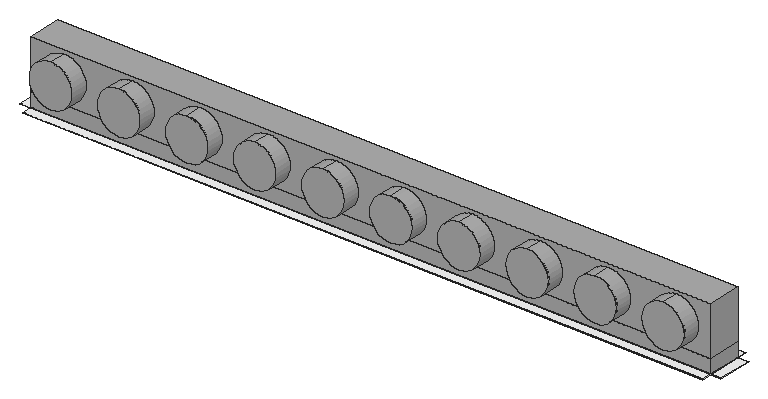
Revit family "Мини с адаптером (2-10 Подключений) Приток", category Арматура воздуховодов, Revit 2022
Family settings
  Размер круглого соединителя = Использовать диаметр
  Тип детали = Вставляется
  На основе рабочей плоскости = Нет
  Всегда вертикально = Да
  При загрузке вырезать с полостями = Нет
  Общий = Нет
Parameters (values of type "Мини с адаптером")
  Ширина щели решетки [instance] = 10 mm
  Ширина решетки [instance] = 100 mm
  УГО приток = yes
  УГО вытяжка = no
  Скорость воздуха [instance] = ADSK_Расход воздуха / Площадь сечения решетки  # 0.0 m/s
  Площадь сечения решетки [instance] = Длина решетки * Ширина решетки - ((Длина решетки - 2 * Ширина щели решетки) * (Ширина решетки - 2 * Ширина щели решетки))  # 0.0416 m²
  Патрубок_Расход [instance] = ADSK_Расход воздуха / Патрубки_Количество  # 0 m³/h
  Патрубки_Шаг [instance] = ADSK_Размер_Длина / Патрубки_Количество  # 200 mm
  Патрубки_Сверху [instance] = no
  Патрубки_Отступ [instance] = Патрубки_Шаг / 2  # 100 mm
  Патрубки_Количество [instance] = 10
  Отступ губ [instance] = if(Г_обр адаптер, 0 mm, (ADSK_Размер_Ширина - Ширина решетки) / 2)  # 0 mm
  Отметка по умолчанию = 0 mm
  Наименование решетки [instance] = "Вентиляционная решетка SCHIBERG МИНИ"  # constant formula
  Метка [instance] = ""
  Материал КСД = ADSK_Сталь оцинкованная
  Марка решетки [instance] = size_lookup("Мини", "M", "НЕ НАЙДЕН ТИПОРАЗМЕР", ADSK_Размер_Длина, Ширина решетки, Ширина щели решетки)  # "2000x100-10"
  Количество патрубков [instance] = if(Патрубки_Количество < 2, 2, Патрубки_Количество)  # 10
  КСД_Угол [instance] = if(Патрубки_Сверху, 100.00°, 10.00°)  # 10.00°
  Патрубки_Длина = 50 mm
  КСД_Отступ [instance] = if(Патрубки_Сверху, 0.5 * ADSK_Размер_Высота, ADSK_Размер_Ширина / 2)  # 50 mm
  Патрубки_Диаметр [instance] = 125 mm
  Длина решетки [instance] = 2000 mm
  Г_обр адаптер [instance] = no
  H [instance] = Высота губ + 2 mm  # 42 mm
  Высота губ [instance] = 40 mm
  ADSK_Расход воздуха [instance] = 0 m³/h
  ADSK_Размер_Ширина [instance] = if(Патрубки_Сверху, if(Патрубки_Диаметр = 75 mm, if(Патрубки_Диаметр + 25 mm > Ширина решетки, Патрубки_Диаметр + 25 mm, Ширина решетки), if(Патрубки_Диаметр = 90 mm, if(Патрубки_Диаметр + 30 mm > Ширина решетки, Патрубки_Диаметр + 30 mm, Ширина решетки), if(Патрубки_Диаметр + 20 mm > Ширина решетки, Патрубки_Диаметр + 20 mm, Ширина решетки))), Ширина решетки)  # 100 mm
  ADSK_Размер_Длина [instance] = Длина решетки  # 2000 mm
  ADSK_Размер_Высота [instance] = if(Патрубки_Диаметр = 75 mm, Патрубки_Диаметр + 25 mm, if(Патрубки_Диаметр = 90 mm, Патрубки_Диаметр + 30 mm, Патрубки_Диаметр + 20 mm))  # 145 mm
  ADSK_Примечание [instance] = if(Высота губ = 40 mm, "", "Не типовая высота губ")  # ""
  ADSK_Потеря давления воздуха [instance] = 0.0 Pa
  ADSK_Позиция_Сортировка [instance] = 0
  ADSK_Позиция_Комплект [instance] = 0
  ADSK_Наименование краткое = "Адаптер с решеткой SCHIBERG"  # constant formula
  ADSK_Наименование [instance] = if(ADSK_Размер_Ширина = Ширина решетки, "Адаптер П-образный под решетку SCHIBERG", if(Г_обр адаптер, "Адаптер Г-образный под решетку SCHIBERG", "Адаптер Т-образный под решетку SCHIBERG"))  # "Адаптер П-образный под решетку SCHIBERG"
  ADSK_Материал = RGB_RAL 9003 (Белый сигнальный)
  ADSK_Марка [instance] = size_lookup("КСД для прямоугольных", "", "НЕ НАЙДЕН ТИПОРАЗМЕР", ADSK_Размер_Длина, Ширина решетки, Количество патрубков, Патрубки_Диаметр, КСД_Угол)  # "2000х100 (сверху 10х125)"
  ADSK_Количество = 1  # constant formula
  ADSK_Код изделия = ""
  ADSK_Завод-изготовитель = "SCHIBERG"  # constant formula
  ADSK_Единица измерения = "шт."  # constant formula
  ADSK_Группирование [instance] = ""
  75+ [instance] = not([75])  # yes
  75 [instance] = or(Патрубки_Диаметр = 75 mm, Патрубки_Диаметр = 90 mm)  # no
Reference planes
  plane 1 "По центру (Вперед/Назад)": y = 0
  plane 2: z = 0
  plane 3 "По центру (Влево/Вправо)": x = 0
  plane 4: z = 42
  plane 5: y = 50
  plane 6: y = -50
  plane 7: x = -1000
  plane 8: x = 1000
  plane 9: z = 187
  plane 10: y = -50
  plane 11 "Патрубки": z = 114.5
  plane 12: x = -900
  plane 13: x = -700
  plane 14: y = 50
  plane 15: y = 0
Forms (mm)
  Extrusion 1, solid, material "ADSK_Сталь оцинкованная" <- "Материал КСД", detail levels medium+fine
    sketch origin (0, 0, 0) x (0, 1, 0) y (0, 0, 1)
      loop
        line (50, 42) -> (-50, 42) -> (-50, 1) -> (50, 1) -> (50, 42)
    from -1000 to 1000
  Extrusion 2, solid, material "ADSK_Сталь оцинкованная" <- "Материал КСД", detail levels medium+fine
    sketch origin (0, 0, 0) x (0, 1, 0) y (0, 0, 1)
      loop
        line (50, 187) -> (-50, 187) -> (-50, 42) -> (50, 42) -> (50, 187)
    from -1000 to 1000
Lines and regions (mm)
  symbolic lines, detail levels coarse+medium
    curve 1: line (-1000, 108.5, 0) -> (1000, 108.5, 0)
    curve 2: line (-1000, -50, 0) -> (-1000, 108.5, 0)
    curve 3: line (1000, -50, 0) -> (-1000, -50, 0)
    curve 4: line (1000, 108.5, 0) -> (1000, -50, 0)
  model lines, visible <- "УГО приток"
    curve 5: line (-200, 0, -69.985) -> (200, 0, -69.985)
    curve 6: line (-200, 0, -69.985) -> (0, 0, -185.455)
    curve 7: line (0, 0, -185.455) -> (200, 0, -69.985)
  model lines, visible <- "УГО вытяжка"
    curve 8: line (-200, 0, -185.455) -> (200, 0, -185.455)
    curve 9: line (0, 0, -69.985) -> (200, 0, -185.455)
    curve 10: line (0, 0, -69.985) -> (-200, 0, -185.455)
Dimensions and locks
  "H": plane 4 to level
  "Ширина решетки": plane 5 to plane 6
  equal spacing: plane 7, plane 3 "По центру (Влево/Вправо)", plane 8
  "ADSK_Размер_Длина": plane 7 to plane 8
  "ADSK_Размер_Высота": plane 9 to plane 4
  equal spacing: plane 9, plane 11 "Патрубки", plane 4
  "Патрубки_Отступ": plane 7 to plane 12
  "Патрубки_Шаг": plane 12 to plane 13
  equal spacing: group 1, group 2, group 3, group 4, group 5, group 6, group 7, group 8, group 9, group 10  (x2)
  equal spacing: group 10, group 9, group 8, group 7, group 6, group 5, group 4, group 3, group 2, group 1
  "ADSK_Размер_Ширина": plane 14 to plane 10
  equal spacing: curve 5, plane 3 "По центру (Влево/Вправо)", curve 5
  locked: curve 5 to curve 5 at 400
  equal spacing: plane 14, plane 1 "По центру (Вперед/Назад)", plane 10
  "Отступ губ": plane 14 to plane 5
  locked: plane 2 to curve 5 at 69.985
  locked: level to curve 8 at 185.455
  equal spacing: curve 9, plane 3 "По центру (Влево/Вправо)", curve 10
  equal spacing: plane 5, plane 15, plane 6
  locked: curve 5 to curve 7 (angle 30.00°)
  locked: curve 6 to curve 5 (angle 30.00°)
  locked: curve 8 to curve 10 (angle 30.00°)
  locked: curve 9 to curve 8 (angle 30.00°)
  aligned and locked: level to plane 2
  aligned and locked: plane 4 to Extrusion 1 sketch curve
  aligned and locked: Extrusion 1 sketch curve to plane 5
  aligned and locked: Extrusion 1 sketch curve to plane 6
  aligned and locked: Extrusion 1 to plane 7
  aligned and locked: plane 8 to Extrusion 1
  aligned and locked: plane 10 to Extrusion 2 sketch curve
  aligned and locked: Extrusion 2 sketch curve to plane 9
  aligned and locked: Extrusion 2 sketch curve to plane 4
  aligned and locked: plane 8 to Extrusion 2
  aligned and locked: Extrusion 2 to plane 7
  aligned and locked: plane 11 "Патрубки" to nested 1
  aligned and locked: nested 1 to plane 12
  aligned and locked: nested 2 to plane 13
  aligned and locked: plane 11 "Патрубки" to nested 2
  aligned and locked: plane 7 to curve 2
  aligned and locked: curve 4 to plane 8
  aligned and locked: plane 10 to curve 3
  aligned and locked: Extrusion 2 to plane 14
  aligned and locked: plane 1 "По центру (Вперед/Назад)" to nested 1
  aligned and locked: plane 1 "По центру (Вперед/Назад)" to nested 10
  aligned and locked: plane 1 "По центру (Вперед/Назад)" to nested 9
  aligned and locked: plane 1 "По центру (Вперед/Назад)" to nested 8
  aligned and locked: plane 1 "По центру (Вперед/Назад)" to nested 7
  aligned and locked: plane 1 "По центру (Вперед/Назад)" to nested 6
  aligned and locked: plane 1 "По центру (Вперед/Назад)" to nested 5
  aligned and locked: plane 1 "По центру (Вперед/Назад)" to nested 4
  aligned and locked: plane 1 "По центру (Вперед/Назад)" to nested 3
  aligned and locked: plane 1 "По центру (Вперед/Назад)" to nested 2
  aligned and locked: plane 3 "По центру (Влево/Вправо)" to nested 11
  aligned and locked: nested 11 to level
  aligned and locked: nested 11 to plane 15
Automatic sketch dimensions
  curve 1 to plane 5 = 58.5 mm
  Extrusion 1 sketch curve to plane 6 = 0 mm
  Extrusion 2 sketch curve to plane 5 = 0 mm
  level to Extrusion 1 sketch curve = 1 mm
Nested families
  nested 1: "Патрубки" at (-900, 0, 114.5) x (0, -1, 0) z (0, 0, 1), ADSK_Материал <- "Материал КСД", D <- "Патрубки_Диаметр", L <- "Патрубки_Длина", S <- "КСД_Отступ", Угол <- "КСД_Угол", Видимость 1 <- "75+", Видимость 2 <- "75", type "Патрубки"
    with Угол 10.00°, Видимость 2 no, Видимость 1 yes, S 50 mm, L 50 mm, D 125 mm, ADSK_Материал ADSK_Сталь оцинкованная, ADSK_Количество 1
  nested 2: "Патрубки" at (-700, 0, 114.5) x (0, -1, 0) z (0, 0, 1), ADSK_Материал <- "Материал КСД", D <- "Патрубки_Диаметр", L <- "Патрубки_Длина", S <- "КСД_Отступ", Угол <- "КСД_Угол", Видимость 1 <- "75+", Видимость 2 <- "75", type "Патрубки"
    with Угол 10.00°, Видимость 2 no, Видимость 1 yes, S 50 mm, L 50 mm, D 125 mm, ADSK_Материал ADSK_Сталь оцинкованная, ADSK_Количество 1
  nested 3: "Патрубки" at (-500, 0, 114.5) x (0, -1, 0) z (0, 0, 1), ADSK_Материал <- "Материал КСД", D <- "Патрубки_Диаметр", L <- "Патрубки_Длина", S <- "КСД_Отступ", Угол <- "КСД_Угол", Видимость 1 <- "75+", Видимость 2 <- "75", type "Патрубки"
    with Угол 10.00°, Видимость 2 no, Видимость 1 yes, S 50 mm, L 50 mm, D 125 mm, ADSK_Материал ADSK_Сталь оцинкованная, ADSK_Количество 1
  nested 4: "Патрубки" at (-300, 0, 114.5) x (0, -1, 0) z (0, 0, 1), ADSK_Материал <- "Материал КСД", D <- "Патрубки_Диаметр", L <- "Патрубки_Длина", S <- "КСД_Отступ", Угол <- "КСД_Угол", Видимость 1 <- "75+", Видимость 2 <- "75", type "Патрубки"
    with Угол 10.00°, Видимость 2 no, Видимость 1 yes, S 50 mm, L 50 mm, D 125 mm, ADSK_Материал ADSK_Сталь оцинкованная, ADSK_Количество 1
  nested 5: "Патрубки" at (-100, 0, 114.5) x (0, -1, 0) z (0, 0, 1), ADSK_Материал <- "Материал КСД", D <- "Патрубки_Диаметр", L <- "Патрубки_Длина", S <- "КСД_Отступ", Угол <- "КСД_Угол", Видимость 1 <- "75+", Видимость 2 <- "75", type "Патрубки"
    with Угол 10.00°, Видимость 2 no, Видимость 1 yes, S 50 mm, L 50 mm, D 125 mm, ADSK_Материал ADSK_Сталь оцинкованная, ADSK_Количество 1
  nested 6: "Патрубки" at (100, 0, 114.5) x (0, -1, 0) z (0, 0, 1), ADSK_Материал <- "Материал КСД", D <- "Патрубки_Диаметр", L <- "Патрубки_Длина", S <- "КСД_Отступ", Угол <- "КСД_Угол", Видимость 1 <- "75+", Видимость 2 <- "75", type "Патрубки"
    with Угол 10.00°, Видимость 2 no, Видимость 1 yes, S 50 mm, L 50 mm, D 125 mm, ADSK_Материал ADSK_Сталь оцинкованная, ADSK_Количество 1
  nested 7: "Патрубки" at (300, 0, 114.5) x (0, -1, 0) z (0, 0, 1), ADSK_Материал <- "Материал КСД", D <- "Патрубки_Диаметр", L <- "Патрубки_Длина", S <- "КСД_Отступ", Угол <- "КСД_Угол", Видимость 1 <- "75+", Видимость 2 <- "75", type "Патрубки"
    with Угол 10.00°, Видимость 2 no, Видимость 1 yes, S 50 mm, L 50 mm, D 125 mm, ADSK_Материал ADSK_Сталь оцинкованная, ADSK_Количество 1
  nested 8: "Патрубки" at (500, 0, 114.5) x (0, -1, 0) z (0, 0, 1), ADSK_Материал <- "Материал КСД", D <- "Патрубки_Диаметр", L <- "Патрубки_Длина", S <- "КСД_Отступ", Угол <- "КСД_Угол", Видимость 1 <- "75+", Видимость 2 <- "75", type "Патрубки"
    with Угол 10.00°, Видимость 2 no, Видимость 1 yes, S 50 mm, L 50 mm, D 125 mm, ADSK_Материал ADSK_Сталь оцинкованная, ADSK_Количество 1
  nested 9: "Патрубки" at (700, 0, 114.5) x (0, -1, 0) z (0, 0, 1), ADSK_Материал <- "Материал КСД", D <- "Патрубки_Диаметр", L <- "Патрубки_Длина", S <- "КСД_Отступ", Угол <- "КСД_Угол", Видимость 1 <- "75+", Видимость 2 <- "75", type "Патрубки"
    with Угол 10.00°, Видимость 2 no, Видимость 1 yes, S 50 mm, L 50 mm, D 125 mm, ADSK_Материал ADSK_Сталь оцинкованная, ADSK_Количество 1
  nested 10: "Патрубки" at (900, 0, 114.5) x (0, -1, 0) z (0, 0, 1), ADSK_Материал <- "Материал КСД", D <- "Патрубки_Диаметр", L <- "Патрубки_Длина", S <- "КСД_Отступ", Угол <- "КСД_Угол", Видимость 1 <- "75+", Видимость 2 <- "75", type "Патрубки"
    with Угол 10.00°, Видимость 2 no, Видимость 1 yes, S 50 mm, L 50 mm, D 125 mm, ADSK_Материал ADSK_Сталь оцинкованная, ADSK_Количество 1
  nested 11: "Прямоугольная решетка" at (0, 0, 0) x (1, 0, 0) z (0, -1, 0), ADSK_Расход воздуха <- "ADSK_Расход воздуха", Скорость воздуха <- "Скорость воздуха", ADSK_Марка <- "Марка решетки", ADSK_Наименование <- "Наименование решетки", ADSK_Размер_Длина <- "Длина решетки", ADSK_Размер_Ширина <- "Ширина решетки", Ширина щели <- "Ширина щели решетки", Материал отделки <- "ADSK_Материал", ADSK_Обозначение <- "Метка", type "Решетка Schiberg"
    with Ширина щели 10 mm, Скорость воздуха 0.0 m/s, Материал отделки RGB_RAL 9003 (Белый сигнальный), ADSK_Расход воздуха 0 m³/h, ADSK_Размер_Ширина 100 mm, ADSK_Размер_Длина 2000 mm, ADSK_Позиция "", ADSK_Обозначение "", ADSK_Наименование краткое "", ADSK_Наименование "Вентиляционная решетка SCHIBERG МИНИ", ADSK_Марка "2000x100-10"
Connectors
  hvac at (-900, -100, 114.5), driven by "Патрубки_Диаметр", driven by "Патрубок_Расход", driven by "ADSK_Потеря давления воздуха"
    settings: on nested 1, index 1, duct flow 0 m³/h, flow factor 0, pres drop 0.0 Pa, loss coef 0, conn angle 0.00°, conn width 304.8 mm, conn height 304.8 mm, conn diameter 125 mm, duct sys type 1, conn prof type 0, flow config 1, flow direction 1, loss method 0, conn ref index -1, conn util no, is conn primary yes, conn desc ""
  hvac at (-700, -100, 114.5), driven by "Патрубки_Диаметр", driven by "Патрубок_Расход"
    settings: on nested 2, index 2, duct flow 0 m³/h, flow factor 0, pres drop 0.0 Pa, loss coef 0, conn angle 0.00°, conn width 304.8 mm, conn height 304.8 mm, conn diameter 125 mm, duct sys type 1, conn prof type 0, flow config 1, flow direction 1, loss method 0, conn ref index -1, conn util no, is conn primary no, conn desc ""
  hvac at (-500, -100, 114.5), driven by "Патрубки_Диаметр", driven by "Патрубок_Расход"
    settings: on nested 3, index 3, duct flow 0 m³/h, flow factor 0, pres drop 0.0 Pa, loss coef 0, conn angle 0.00°, conn width 304.8 mm, conn height 304.8 mm, conn diameter 125 mm, duct sys type 1, conn prof type 0, flow config 1, flow direction 1, loss method 0, conn ref index -1, conn util no, is conn primary no, conn desc ""
  hvac at (-300, -100, 114.5), driven by "Патрубки_Диаметр", driven by "Патрубок_Расход"
    settings: on nested 4, index 5, duct flow 0 m³/h, flow factor 0, pres drop 0.0 Pa, loss coef 0, conn angle 0.00°, conn width 304.8 mm, conn height 304.8 mm, conn diameter 125 mm, duct sys type 1, conn prof type 0, flow config 1, flow direction 1, loss method 0, conn ref index -1, conn util no, is conn primary no, conn desc ""
  hvac at (-100, -100, 114.5), driven by "Патрубки_Диаметр", driven by "Патрубок_Расход"
    settings: on nested 5, index 6, duct flow 0 m³/h, flow factor 0, pres drop 0.0 Pa, loss coef 0, conn angle 0.00°, conn width 304.8 mm, conn height 304.8 mm, conn diameter 125 mm, duct sys type 1, conn prof type 0, flow config 1, flow direction 1, loss method 0, conn ref index -1, conn util no, is conn primary no, conn desc ""
  hvac at (100, -100, 114.5), driven by "Патрубки_Диаметр", driven by "Патрубок_Расход"
    settings: on nested 6, index 7, duct flow 0 m³/h, flow factor 0, pres drop 0.0 Pa, loss coef 0, conn angle 0.00°, conn width 304.8 mm, conn height 304.8 mm, conn diameter 125 mm, duct sys type 1, conn prof type 0, flow config 1, flow direction 1, loss method 0, conn ref index -1, conn util no, is conn primary no, conn desc ""
  hvac at (300, -100, 114.5), driven by "Патрубки_Диаметр", driven by "Патрубок_Расход"
    settings: on nested 7, index 8, duct flow 0 m³/h, flow factor 0, pres drop 0.0 Pa, loss coef 0, conn angle 0.00°, conn width 304.8 mm, conn height 304.8 mm, conn diameter 125 mm, duct sys type 1, conn prof type 0, flow config 1, flow direction 1, loss method 0, conn ref index -1, conn util no, is conn primary no, conn desc ""
  hvac at (500, -100, 114.5), driven by "Патрубки_Диаметр", driven by "Патрубок_Расход"
    settings: on nested 8, index 9, duct flow 0 m³/h, flow factor 0, pres drop 0.0 Pa, loss coef 0, conn angle 0.00°, conn width 304.8 mm, conn height 304.8 mm, conn diameter 125 mm, duct sys type 1, conn prof type 0, flow config 1, flow direction 1, loss method 0, conn ref index -1, conn util no, is conn primary no, conn desc ""
  hvac at (700, -100, 114.5), driven by "Патрубки_Диаметр", driven by "Патрубок_Расход"
    settings: on nested 9, index 10, duct flow 0 m³/h, flow factor 0, pres drop 0.0 Pa, loss coef 0, conn angle 0.00°, conn width 304.8 mm, conn height 304.8 mm, conn diameter 125 mm, duct sys type 1, conn prof type 0, flow config 1, flow direction 1, loss method 0, conn ref index -1, conn util no, is conn primary no, conn desc ""
  hvac at (900, -100, 114.5), driven by "Патрубки_Диаметр", driven by "Патрубок_Расход"
    settings: on nested 10, index 11, duct flow 0 m³/h, flow factor 0, pres drop 0.0 Pa, loss coef 0, conn angle 0.00°, conn width 304.8 mm, conn height 304.8 mm, conn diameter 125 mm, duct sys type 1, conn prof type 0, flow config 1, flow direction 1, loss method 0, conn ref index -1, conn util no, is conn primary no, conn desc ""
Definition of nested family "Патрубки"
  Parameters (values of type "Патрубки")
    Угол [instance] = 30.00°
    Default Elevation = 0 mm
    Видимость 2 [instance] = no
    Видимость 1 [instance] = yes
    S [instance] = 70 mm
    L [instance] = 50 mm
    D [instance] = 100 mm
    ADSK_Наименование = "Врезка в адаптер"
    ADSK_Материал [instance] = none
    ADSK_Количество [instance] = if(Видимость 1, 1, 0)  # 1
    ADSK_Единица измерения = "шт."  # constant formula
  Reference planes
    plane 1 "По центру (Вперед/Назад)": y = 0
    plane 2: z = 0
    plane 3 "По центру (Влево/Вправо)": x = 0
  Forms (mm)
    Sweep 1, solid, material <- "ADSK_Материал", visible <- "Видимость 1"
      path in 3D
        loop
          line (65.778, 0, 23.941) -> (112.763, 0, 41.042)
      profile origin (89.271, 0, 32.492) x (-0.34202, 0, 0.939693) y (0, -1, 0)
        loop
          circle (0, 0) r 50
  Lines and regions (mm)
    reference lines
      curve 1: line (0, 0, 0) -> (14.772, 0, -2.605)
      curve 2: line (0, 0, 0) -> (65.778, 0, 23.941)
      curve 3: line (65.778, 0, 23.941) -> (112.763, 0, 41.042)
    sketch lines
      curve 4: line (65.778, 0, 23.941) -> (112.763, 0, 41.042)
    model lines, detail levels coarse
      curve 5: line (0, 0, 0) -> (65.778, 0, 23.941)
      curve 6: line (65.778, 0, 23.941) -> (112.763, 0, 41.042)
  Dimensions and locks
    "S": curve 2 to curve 2
    "L": curve 3 to curve 3
    "S": curve 5 to curve 5
    "L": curve 6 to curve 6
    "D": diameter of Sweep 1 sketch curve
    locked: curve 1 to level (angle 10.00°)
    "Угол": angle curve 1 to curve 2
    "Угол": angle curve 1 to curve 3
    "Угол": angle curve 1 to curve 5
    "Угол": angle curve 1 to curve 6
    "Угол": angle curve 1 to nested 1
    aligned and locked: level to plane 2
    aligned and locked: plane 3 "По центру (Влево/Вправо)" to curve 1
    aligned and locked: level to curve 1
    aligned and locked: plane 3 "По центру (Влево/Вправо)" to curve 2
    aligned and locked: level to curve 2
    aligned and locked: plane 3 "По центру (Влево/Вправо)" to curve 5
    aligned and locked: level to curve 5
    aligned and locked: nested 1 to Sweep 1
  Automatic sketch dimensions
    Sweep 1 sketch curve to profile plane = 0 mm
    profile plane to Sweep 1 sketch curve = 0 mm
  Nested families
    nested 1: "Фланец DN75" at (54.032, 0, 19.666) x (0, 1, 0) z (0.342, 0, -0.9397), visible <- "Видимость 2", Типоразмер <- "D", type "Default 2"
      with Типоразмер 100 mm, Длина 75 mm, Двн врезки 35 mm, r3 100 mm, r2 40 mm, r1 35 mm, D90 no, D75 no, ADSK_Техническая характеристика "Ø75", ADSK_Марка "", ADSK_Количество 1, ADSK_Код изделия "", ADSK_Единица измерения "шт."
  Definition of nested family "Фланец DN75"
    Parameters (values of type "Фланец")
      б = 3.5 mm  # constant formula
      Толщина стенки = 1 mm  # constant formula
      Типоразмер [instance] = 75 mm
      Default Elevation = 0 mm
      Длина [instance] = 75 mm  # constant formula
      Двн врезки [instance] = if(D90, 45 mm, 35 mm)  # 35 mm
      Глубина врезки = 13.5 mm  # constant formula
      r3 [instance] = 100 mm  # constant formula
      r2 [instance] = Двн врезки + 5 mm  # 40 mm
      r1 [instance] = Двн врезки  # 35 mm
      D90 [instance] = if(Типоразмер = 90 mm, 1 = 1, 1 = 0)  # no
      D75 [instance] = if(Типоразмер = 75 mm, 1 = 1, 1 = 0)  # yes
      ADSK_Техническая характеристика [instance] = if(D90, "Ø90", "Ø75")  # "Ø75"
      ADSK_Наименование = "Фланец"  # constant formula
      ADSK_Марка [instance] = ""
      ADSK_Количество [instance] = 1  # constant formula
      ADSK_Код изделия [instance] = ""
      ADSK_Завод-изготовитель = "SCHIBERG"  # constant formula
      ADSK_Единица измерения [instance] = "шт."  # constant formula
    Reference planes
      plane 1 "По центру (Вперед/Назад)": y = 0
      plane 2: z = 0
      plane 3 "По центру (Влево/Вправо)": x = 0
      plane 4: x = -35
      plane 5: x = -38.5
      plane 6: y = -75
      plane 7: y = -13.5
    Forms (mm)
      Extrusion 1, solid
        sketch origin (0, 0, 0) x (1, 0, 0) y (0, 1, 0)
          loop
            line (1.764, -7.5) -> (24.182, -7.5)
            arc (24.182, -7.5) -> (24.76, -7.26) -> (25, -6.682) r 0.818
            line (25, -6.682) -> (25, -4.498)
            arc (25, -4.498) -> (24.923, -4.111) -> (24.704, -3.783) r 1.012
            line (24.704, -3.783) -> (21.251, -0.33)
            arc (21.251, -0.33) -> (20.885, -0.086) -> (20.454, 0) r 1.127
            line (20.454, 0) -> (-14.395, 0)
            arc (-14.395, 0) -> (-14.797, -0.08) -> (-15.139, -0.308) r 1.052
            line (-15.139, -0.308) -> (-24.68, -9.849)
            arc (-24.68, -9.849) -> (-24.917, -10.204) -> (-25, -10.623) r 1.094
            line (-25, -10.623) -> (-25, -12.137) -> (-22.993, -12.137) -> (-22.993, -11.028) -> (-2.639, -11.028)
            arc (-2.639, -11.028) -> (-2.23, -10.947) -> (-1.884, -10.715) r 1.068
            line (-1.884, -10.715) -> (1.026, -7.806)
            arc (1.026, -7.806) -> (1.365, -7.58) -> (1.764, -7.5) r 1.045
        from 20 to 70
      Extrusion 2, solid
        sketch origin (0, 0, 0) x (-0.5, 0, -0.866025) y (0, 1, 0)
          loop
            line (1.764, -7.5) -> (24.182, -7.5)
            arc (24.182, -7.5) -> (24.76, -7.26) -> (25, -6.682) r 0.818
            line (25, -6.682) -> (25, -4.498)
            arc (25, -4.498) -> (24.923, -4.111) -> (24.704, -3.783) r 1.012
            line (24.704, -3.783) -> (21.251, -0.33)
            arc (21.251, -0.33) -> (20.885, -0.086) -> (20.454, 0) r 1.127
            line (20.454, 0) -> (-14.395, 0)
            arc (-14.395, 0) -> (-14.797, -0.08) -> (-15.139, -0.308) r 1.052
            line (-15.139, -0.308) -> (-24.68, -9.849)
            arc (-24.68, -9.849) -> (-24.917, -10.204) -> (-25, -10.623) r 1.094
            line (-25, -10.623) -> (-25, -12.137) -> (-22.993, -12.137) -> (-22.993, -11.028) -> (-2.639, -11.028)
            arc (-2.639, -11.028) -> (-2.23, -10.947) -> (-1.884, -10.715) r 1.068
            line (-1.884, -10.715) -> (1.026, -7.806)
            arc (1.026, -7.806) -> (1.365, -7.58) -> (1.764, -7.5) r 1.045
        from 20 to 70
      Extrusion 3, solid
        sketch origin (0, 0, 0) x (-0.5, 0, 0.866025) y (0, 1, 0)
          loop
            line (1.764, -7.5) -> (24.182, -7.5)
            arc (24.182, -7.5) -> (24.76, -7.26) -> (25, -6.682) r 0.818
            line (25, -6.682) -> (25, -4.498)
            arc (25, -4.498) -> (24.923, -4.111) -> (24.704, -3.783) r 1.012
            line (24.704, -3.783) -> (21.251, -0.33)
            arc (21.251, -0.33) -> (20.885, -0.086) -> (20.454, 0) r 1.127
            line (20.454, 0) -> (-14.395, 0)
            arc (-14.395, 0) -> (-14.797, -0.08) -> (-15.139, -0.308) r 1.052
            line (-15.139, -0.308) -> (-24.68, -9.849)
            arc (-24.68, -9.849) -> (-24.917, -10.204) -> (-25, -10.623) r 1.094
            line (-25, -10.623) -> (-25, -12.137) -> (-22.993, -12.137) -> (-22.993, -11.028) -> (-2.639, -11.028)
            arc (-2.639, -11.028) -> (-2.23, -10.947) -> (-1.884, -10.715) r 1.068
            line (-1.884, -10.715) -> (1.026, -7.806)
            arc (1.026, -7.806) -> (1.365, -7.58) -> (1.764, -7.5) r 1.045
        from 20 to 70
      Extrusion 4, void
        sketch origin (0, 0, 0) x (1, 0, 0) y (0, 0, 1)
          loop
            circle (0, 0) r 35
        from 0 to 15
      Extrusion 5, void
        sketch origin (0, 0, 0) x (1, 0, 0) y (0, 0, 1)
          loop
            circle (0, 0) r 100
          loop
            circle (0, 0) r 40
        from 0 to 13
      Revolve 6, solid
        sketch origin (0, 0, 0) x (1, 0, 0) y (0, 1, 0)
          loop
            line (-44.5, -13.5) -> (-36, -13.5) -> (-36, -12.5) -> (-39.036, -9.464) -> (-39.743, -10.172) -> (-37.414, -12.5) -> (-44.5, -12.5) -> (-44.5, -13.5)
          axis (0, -9.464) -> (0, -13.5)
        angle from 0 to 360
      Revolve 7, solid
        sketch origin (0, 0, 0) x (1, 0, 0) y (0, 1, 0)
          loop
            line (-35, 0) -> (-36, 0) -> (-36, -13.5) -> (-44.225, -13.5) -> (-44.225, -14.5) -> (-39.5, -14.5) -> (-39.5, -57.532)
            arc (-39.5, -57.532) -> (-39.675, -60.208) -> (-40.199, -62.839) r 20.506
            line (-40.199, -62.839) -> (-43.457, -75) -> (-42.422, -75) -> (-39.319, -63.42)
            arc (-39.319, -63.42) -> (-38.706, -60.336) -> (-38.5, -57.198) r 24.042
            line (-38.5, -57.198) -> (-38.5, -14.5) -> (-35, -14.5) -> (-35, 0)
          axis (0, 0) -> (0, -75)
        angle from 0 to 360
    Cuts and joins
      Extrusion 4, Extrusion 5 cuts Extrusion 1
      Extrusion 4, Extrusion 5 cuts Extrusion 2
      Extrusion 4, Extrusion 5 cuts Extrusion 3
    Dimensions and locks
      "Двн врезки": plane 4 to plane 3 "По центру (Влево/Вправо)"
      "б": plane 5 to plane 4
      "Длина": plane 6 to plane 1 "По центру (Вперед/Назад)"
      "Глубина врезки": plane 7 to plane 1 "По центру (Вперед/Назад)"
      "Толщина стенки": Revolve 7 sketch curve to plane 4
      "Толщина стенки": plane 7 to Revolve 7 sketch curve
      "Толщина стенки": Revolve 7 sketch curve to plane 5
      "Толщина стенки": Revolve 7 sketch curve to Revolve 7 sketch curve
      "Толщина стенки": Revolve 6 sketch curve to plane 7
      "Толщина стенки": Revolve 6 sketch curve to plane 4
      locked: Revolve 6 sketch curve to plane 4 at 9.5
      "Толщина стенки": Revolve 6 sketch curve to Revolve 6 sketch curve  (x2)
      locked: Revolve 6 sketch curve to Revolve 6 sketch curve at 5
      "r1": radius of Extrusion 4 sketch curve
      "r2": radius of Extrusion 5 sketch curve
      "r3": radius of Extrusion 5 sketch curve
      locked: Revolve 7 sketch curve to plane 5 (angle 15.00°)
      locked: plane 4 to Revolve 6 sketch curve (angle 45.00°)
      aligned and locked: level to plane 2
      aligned and locked: Revolve 7 sketch curve to plane 4
      aligned and locked: Revolve 7 sketch curve to plane 5
      aligned and locked: Revolve 7 sketch curve to plane 1 "По центру (Вперед/Назад)"
      aligned and locked: plane 7 to Revolve 7 sketch curve
      aligned and locked: Revolve 7 sketch curve to plane 3 "По центру (Влево/Вправо)"
      aligned and locked: Revolve 7 sketch curve to plane 6
      aligned and locked: Revolve 6 sketch curve to plane 7
      aligned and locked: plane 3 "По центру (Влево/Вправо)" to Extrusion 4 sketch curve
      aligned and locked: plane 2 to Extrusion 4 sketch curve
      aligned and locked: plane 3 "По центру (Влево/Вправо)" to Extrusion 5 sketch curve  (x2)
      aligned and locked: plane 2 to Extrusion 5 sketch curve  (x2)
    Automatic sketch dimensions
      Revolve 6 sketch curve to plane 3 "По центру (Влево/Вправо)" = 0 mm
      Revolve 6 sketch curve to plane 6 = 1925 mm
      Revolve 6 sketch curve to plane 1 "По центру (Вперед/Назад)" = 2000 mm
      Revolve 7 sketch curve to plane 5 = 1.699 mm
      Revolve 7 sketch curve to Revolve 7 sketch curve = 2.223 mm
      Revolve 7 sketch curve to Revolve 7 sketch curve = 4.725 mm
      plane 6 to Revolve 7 sketch curve = 17.468 mm
      Revolve 7 sketch curve to Revolve 7 sketch curve = 2.536 mm
      Revolve 7 sketch curve to plane 5 = 0.819 mm
      Revolve 7 sketch curve to plane 7 = 1 mm
      plane 6 to Revolve 7 sketch curve = 24.441 mm
      Revolve 7 sketch curve to plane 1 "По центру (Вперед/Назад)" = 19.441 mm
Definition of nested family "Прямоугольная решетка"
  Parameters (values of type "Решетка Schiberg")
    Ширина щели [instance] = 10 mm
    Толщина листа = 1 mm
    Скорость воздуха [instance] = 1.02881 m/s
    Default Elevation = 0 mm
    Материал отделки [instance] = none
    ADSK_Расход воздуха [instance] = 80 m³/h
    ADSK_Размер_Ширина [instance] = 55 mm
    ADSK_Размер_Длина [instance] = 1000 mm
    ADSK_Примечание = ""
    ADSK_Позиция [instance] = ""
    ADSK_Обозначение [instance] = ""
    ADSK_Наименование краткое [instance] = ""
    ADSK_Наименование [instance] = "Вентиляционная решётка SCHIBERG ПРОФИ"
    ADSK_Марка [instance] = "350X100-10"
    ADSK_Количество = 1  # constant formula
    ADSK_Завод-изготовитель = "SCHIBERG"  # constant formula
    ADSK_Единица измерения = "шт."  # constant formula
  Reference planes
    plane 1 "По центру (Вперед/Назад)": y = 0
    plane 2: z = 0
    plane 3 "По центру (Влево/Вправо)": x = 0
    plane 4: z = -27.5
    plane 5: z = 27.5
    plane 6: z = 57.5
    plane 7: z = -57.5
    plane 8: z = -17.5
    plane 9: z = 17.5
    plane 10: x = -500
    plane 11: x = 500
    plane 12: x = 530
    plane 13: x = -530
    plane 14: x = -490
    plane 15: x = 490
    plane 16: y = 1
    plane 17: y = -1
  Forms (mm)
    Extrusion 1, solid, material <- "Материал отделки", detail levels medium+fine
      sketch origin (0, 0, 0) x (1, 0, 0) y (0, 0, 1)
        loop
          line (-490, 17.5) -> (-490, -17.5) -> (490, -17.5) -> (490, 17.5) -> (-490, 17.5)
      from -1 to 0
    Extrusion 2, solid, material <- "Материал отделки", detail levels medium+fine
      sketch origin (0, 0, 0) x (1, 0, 0) y (0, 0, 1)
        loop
          line (-500, 27.5) -> (500, 27.5) -> (500, 57.5) -> (-500, 57.5) -> (-500, 27.5)
      from 0 to -1
    Extrusion 3, solid, material <- "Материал отделки", detail levels medium+fine
      sketch origin (-100, 0, 0) x (0, 0, 1) y (-1, 0, 0)
        loop
          line (-27.5, 400) -> (27.5, 400) -> (27.5, 430) -> (-27.5, 430) -> (-27.5, 400)
      from 0 to -1
    Extrusion 4, solid, material <- "Материал отделки", detail levels medium+fine
      sketch origin (100, 0, 0) x (0, 0, 1) y (-1, 0, 0)
        loop
          line (-27.5, -400) -> (-27.5, -430) -> (27.5, -430) -> (27.5, -400) -> (-27.5, -400)
      from 0 to -1
    Extrusion 5, solid, material <- "Материал отделки", detail levels medium+fine
      sketch origin (0, 0, 0) x (1, 0, 0) y (0, 0, 1)
        loop
          line (-500, -27.5) -> (-500, -57.5) -> (500, -57.5) -> (500, -27.5) -> (-500, -27.5)
      from 0 to -1
    Extrusion 6, solid, detail levels medium+fine
      sketch origin (0, 0, 0) x (1, 0, 0) y (0, 0, 1)
        loop
          line (-490, 17.5) -> (-490, -17.5) -> (490, -17.5) -> (490, 17.5) -> (-490, 17.5)
        loop
          line (-500, 27.5) -> (-500, -27.5) -> (500, -27.5) -> (500, 27.5) -> (-500, 27.5)
      from 0 to -1
  Lines and regions (mm)
    model lines, detail levels coarse
      curve 1: line (-530, 0, 0) -> (530, 0, 0)
  Dimensions and locks
    equal spacing: plane 9, level, plane 8
    equal spacing: plane 5, level, plane 4
    "ADSK_Размер_Ширина": plane 5 to plane 4
    equal spacing: plane 6, level, plane 7
    locked: plane 6 to plane 5 at 30
    equal spacing: plane 15, plane 3 "По центру (Влево/Вправо)", plane 14
    equal spacing: plane 11, plane 3 "По центру (Влево/Вправо)", plane 10
    equal spacing: plane 12, plane 3 "По центру (Влево/Вправо)", plane 13
    locked: plane 10 to plane 13 at 30
    "ADSK_Размер_Длина": plane 11 to plane 10
    plane 12 to plane 11 = 30 mm
    "Ширина щели": plane 14 to plane 10
    "Ширина щели": plane 5 to plane 9
    aligned and locked: level to plane 2
    aligned and locked: plane 1 "По центру (Вперед/Назад)" to Extrusion 1
    aligned and locked: plane 9 to Extrusion 1
    aligned and locked: Extrusion 1 to plane 14
    aligned and locked: plane 15 to Extrusion 1
    aligned and locked: Extrusion 1 to plane 8
    aligned and locked: Extrusion 2 to plane 5
    aligned and locked: plane 6 to Extrusion 2
    aligned and locked: Extrusion 3 to plane 13
    aligned and locked: plane 10 to Extrusion 3
    aligned and locked: Extrusion 3 sketch curve to plane 4
    aligned and locked: plane 5 to Extrusion 3 sketch curve
    aligned and locked: plane 11 to Extrusion 2 sketch curve
    aligned and locked: plane 6 to Extrusion 2 sketch curve
    aligned and locked: Extrusion 2 sketch curve to plane 5
    aligned and locked: Extrusion 2 sketch curve to plane 10
    aligned and locked: Extrusion 4 sketch curve to plane 12
    aligned and locked: Extrusion 4 sketch curve to plane 5
    aligned and locked: plane 4 to Extrusion 4 sketch curve
    aligned and locked: plane 11 to Extrusion 4 sketch curve
    aligned and locked: plane 10 to Extrusion 5 sketch curve
    aligned and locked: Extrusion 5 sketch curve to plane 4
    aligned and locked: plane 7 to Extrusion 5 sketch curve
    aligned and locked: Extrusion 5 sketch curve to plane 11
    aligned and locked: plane 16 to Extrusion 3
    aligned and locked: Extrusion 2 to plane 16
    aligned and locked: Extrusion 5 to plane 16
    aligned and locked: Extrusion 4 to plane 16
    aligned and locked: Extrusion 6 sketch curve to plane 14
    aligned and locked: Extrusion 6 sketch curve to plane 9
    aligned and locked: Extrusion 6 sketch curve to plane 15
    aligned and locked: Extrusion 6 sketch curve to plane 8
    aligned and locked: Extrusion 6 sketch curve to plane 10
    aligned and locked: plane 5 to Extrusion 6 sketch curve
    aligned and locked: Extrusion 6 sketch curve to plane 11
    aligned and locked: Extrusion 6 sketch curve to plane 4
    aligned and locked: plane 1 "По центру (Вперед/Назад)" to Extrusion 2
    aligned and locked: plane 13 to curve 1
    aligned and locked: plane 1 "По центру (Вперед/Назад)" to curve 1
  Automatic sketch dimensions
    Extrusion 1 sketch curve to plane 8 = 0 mm
    Extrusion 1 sketch curve to plane 14 = 0 mm
    Extrusion 1 sketch curve to plane 15 = 0 mm
    Extrusion 1 sketch curve to plane 9 = 0 mm
    Extrusion 3 sketch curve to plane 10 = 0 mm
    Extrusion 3 sketch curve to plane 13 = 0 mm
    curve 1 to plane 12 = 0 mm
